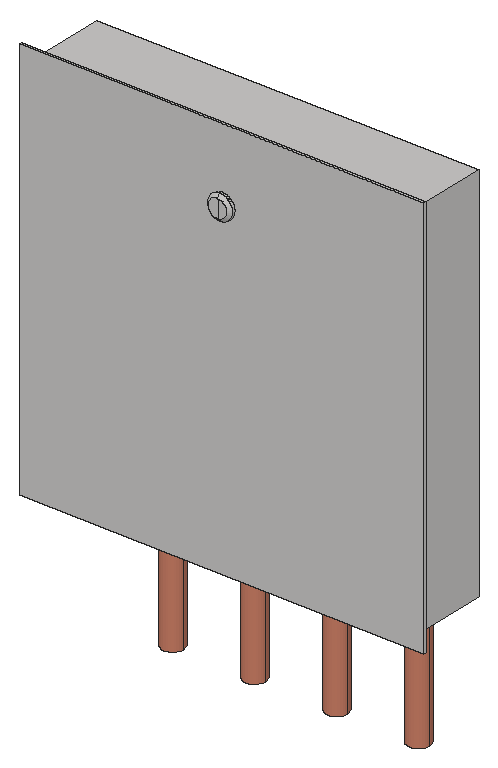
Revit family "Caroma TMV20 Bottom Inlet Bypass", category Pipe Accessories, Revit 2014
Parameters (values of type "Bottom Inlet")
  Width_ANZRS = 75 mm  # constant formula
  URL = "http://specify.caroma.com.au/"
  Type Comments = "Adjustable Temperature range 35-50°, Dynamic Working Pressure 20-500kPa, Maximum 1000kPa Inlet Pressure, Maximum Ratio 10:1"  # constant formula
  Top Inlet = no
  Side2Flow_ANZRS = 0.7 L/s  # constant formula
  PlumbingMaterial_ANZRS = Metal-Copper-Satin
  ModifiedIssue_ANZRS = 20150421.01  # constant formula
  Model = if(Top Inlet, "BTMV20-004", "BTMV20-003")  # "BTMV20-003"
  Material_ANZRS = Metal-Stainless Steel-Brushed
  Manufacturer = "GWA Bathrooms & Kitchens"  # constant formula
  Length_ANZRS = 370 mm  # constant formula
  K Coefficient = 0
  Height_ANZRS = 370 mm  # constant formula
  End2 Pos = if(Top Inlet, 0 mm, 572 mm)  # 572 mm
  End1 pos = if(Top Inlet, 111 mm, 461 mm)  # 461 mm
  Description = "Thermostatic Mixing Valve in Stainless Steel Enclosure"  # constant formula
  CreatedBy_ANZRS = "Design Content"  # constant formula
  CreatedByURL_ANZRS = "http://www.designcontent.com.au"
  Assembly Code = "D2090800"
  Angle = if(Top Inlet, 270.00°, 90.00°)  # 90.00°
Types (3, lengths in mm): name | Top Inlet | Model | End2 Pos | End1 pos | Angle
  (no name) | no | "BTMV20-003" | 572 | 461 | 90.00°
  Bottom Inlet | no | "BTMV20-003" | 572 | 461 | 90.00°
  Top Inlet | yes | "BTMV20-004" | 0 | 111 | 270.00°
Reference planes
  plane 1 "Center (Front/Back)": y = 0
  plane 2: z = 0
  plane 3 "Center (Left/Right)": x = 0
  plane 4 "Left": x = -185
  plane 5 "Right": x = 185
  plane 6 "Back": y = 37.5
  plane 7 "Front": y = -37.5
  plane 8 "Top": z = 185
  plane 9 "Bottom": z = -185
  plane 10 "End1": z = -286
  plane 11 "End2": z = -175
  plane 12 "Offset Calc": z = 286
Forms (mm)
  Extrusion 1, solid, material "Metal-Stainless Steel-Brushed" <- "Material_ANZRS", detail levels fine
    sketch origin (0, 0, 0) x (1, 0, 0) y (0, 0, 1)
      loop
        line (-175, 175) -> (-175, -175) -> (175, -175) -> (175, 175) -> (-175, 175)
    from -37.5 to 37.5
  Extrusion 2, solid, material "Metal-Stainless Steel-Brushed" <- "Material_ANZRS", detail levels fine
    sketch origin (2000, -37.5, 1200) x (1, 0, 0) y (0, 0, 1)
      loop
        line (-2185, -1015) -> (-2185, -1385) -> (-1815, -1385) -> (-1815, -1015) -> (-2185, -1015)
    from 0 to -2
  Revolve 3, solid, material "Metal-Stainless Steel-Brushed" <- "Material_ANZRS", detail levels fine
    sketch origin (0, 0, 0) x (0, 1, 0) y (0, 0, 1)
      loop
        line (-42.5, 117) -> (-37.5, 117) -> (-37.5, 128.434) -> (-39.5, 128.434) -> (-42.5, 125.434) -> (-42.5, 117)
      axis (-42.5, 117) -> (-37.5, 117)
    angle from 0 to 360
  Extrusion 4, solid, material "Metal-Copper-Satin" <- "PlumbingMaterial_ANZRS", detail levels fine
    sketch origin (-1351.99, -1524, -185) x (-1, 0, 0) y (0, -1, 0)
      loop
        circle (-1351.99, -1524) r 10
    from 10 to -101
  Extrusion 5, solid, material "Metal-Copper-Satin" <- "PlumbingMaterial_ANZRS", detail levels fine
    sketch origin (85, -1524, -175) x (-1, 0, 0) y (0, -1, 0)
      loop
        circle (160, -1524) r 10
    from 0 to -111
  Extrusion 6, solid, material "Metal-Copper-Satin" <- "PlumbingMaterial_ANZRS", detail levels fine
    sketch origin (85, -1524, -175) x (-1, 0, 0) y (0, -1, 0)
      loop
        circle (10, -1524) r 10
    from 0 to -111
  Extrusion 7, solid, material "Metal-Copper-Satin" <- "PlumbingMaterial_ANZRS", detail levels fine
    sketch origin (-1201.99, -1524, -185) x (-1, 0, 0) y (0, -1, 0)
      loop
        circle (-1351.99, -1524) r 10
    from 10 to -101
Cuts and joins
  joined: Extrusion 1, Extrusion 2
Lines and regions (mm)
  model lines, style "Valves", detail levels coarse+medium
    curve 1: line (75, -75, 0) -> (-75, 75, 0)
    curve 2: line (-75, -75, 0) -> (-75, 75, 0)
    curve 3: line (75, -75, 0) -> (75, 75, 0)
    curve 4: line (-75, -75, 0) -> (75, 75, 0)
    curve 5: line (0, 0, 0) -> (0, 150, 0)
    curve 6: line (50, 150, 0) -> (-50, 150, 0)
    curve 7: line (75, 0, -75) -> (-75, 0, 75)
    curve 8: line (-75, 0, -75) -> (-75, 0, 75)
    curve 9: line (75, 0, -75) -> (75, 0, 75)
    curve 10: line (-75, 0, -75) -> (75, 0, 75)
    curve 11: line (0, 0, 0) -> (0, 0, 150)
    curve 12: line (50, 0, 150) -> (-50, 0, 150)
  reference lines, not visible
    curve 13: line (-75, 0, -175) -> (-75, 0, -286)
    curve 14: line (75, 0, -175) -> (75, 0, -286)
Dimensions and locks
  equal spacing: plane 4 "Left", plane 3 "Center (Left/Right)", plane 5 "Right"
  equal spacing: plane 7 "Front", plane 1 "Center (Front/Back)", plane 6 "Back"
  "Width_ANZRS": plane 7 "Front" to plane 6 "Back"
  "Length_ANZRS": plane 4 "Left" to plane 5 "Right"
  equal spacing: plane 8 "Top", level, plane 9 "Bottom"
  "Height_ANZRS": plane 8 "Top" to plane 9 "Bottom"
  locked: Extrusion 1 sketch curve to plane 4 "Left" at 10
  locked: plane 8 "Top" to Extrusion 1 sketch curve at 10
  locked: plane 5 "Right" to Extrusion 1 sketch curve at 10
  locked: Extrusion 1 sketch curve to plane 9 "Bottom" at 10
  locked: curve 12 to level at 150
  curve 10 to curve 8 to level to curve 9 to curve 10 = 0 mm locked, 75 mm locked, 75 mm locked, 0 mm locked
  locked: plane 12 "Offset Calc" to plane 8 "Top" at 101
  "End1 pos": plane 12 "Offset Calc" to plane 11 "End2"
  "End2 Pos": plane 12 "Offset Calc" to plane 10 "End1"
  "End1 pos": plane 12 "Offset Calc" to curve 13
  "End1 pos": plane 12 "Offset Calc" to curve 14
  locked: curve 13 to curve 13 at 111
  locked: curve 14 to curve 14 at 111
  "Angle": angle curve 14 to plane 11 "End2"
  "Angle": angle plane 11 "End2" to curve 13
  aligned and locked: level to plane 2
  aligned and locked: Extrusion 1 to plane 6 "Back"
  aligned and locked: plane 7 "Front" to Extrusion 1
  aligned and locked: Extrusion 2 sketch curve to plane 8 "Top"
  aligned and locked: plane 4 "Left" to Extrusion 2 sketch curve
  aligned and locked: plane 9 "Bottom" to Extrusion 2 sketch curve
  aligned and locked: Extrusion 2 sketch curve to plane 5 "Right"
  aligned and locked: plane 11 "End2" to Extrusion 6
  aligned and locked: plane 11 "End2" to Extrusion 5
  aligned and locked: Extrusion 6 to plane 10 "End1"
  aligned and locked: Extrusion 5 to plane 10 "End1"
Automatic sketch dimensions
  curve 11 to plane 3 "Center (Left/Right)" = 0 mm
  curve 11 to level = 0 mm
  curve 10 to plane 3 "Center (Left/Right)" = 75 mm
  curve 12 to plane 3 "Center (Left/Right)" = 50 mm
  plane 3 "Center (Left/Right)" to curve 12 = 50 mm
  curve 5 to plane 3 "Center (Left/Right)" = 0 mm
  plane 1 "Center (Front/Back)" to curve 5 = 0 mm
  curve 4 to plane 3 "Center (Left/Right)" = 75 mm
  plane 3 "Center (Left/Right)" to curve 4 = 75 mm
  plane 7 "Front" to curve 3 = 37.5 mm
  plane 7 "Front" to curve 2 = 37.5 mm
  curve 4 to plane 6 "Back" = 37.5 mm
  curve 6 to plane 3 "Center (Left/Right)" = 50 mm
  plane 3 "Center (Left/Right)" to curve 6 = 50 mm
  curve 3 to curve 6 = 75 mm
  Revolve 3 sketch curve to plane 7 "Front" = 0 mm  (x2)
  Revolve 3 sketch curve to Revolve 3 sketch curve = 2 mm
  Revolve 3 sketch curve to Revolve 3 sketch curve = 5 mm
  Revolve 3 sketch curve to plane 8 "Top" = 68 mm
  Revolve 3 sketch curve to Revolve 3 sketch curve = 8.434 mm
  Revolve 3 sketch curve to Revolve 3 sketch curve = 3 mm
  Revolve 3 sketch curve to plane 7 "Front" = 13.179 mm
  Revolve 3 sketch curve to Revolve 3 sketch curve = 0 mm
  plane 1 "Center (Front/Back)" to Extrusion 4 sketch curve = 0 mm
  Extrusion 4 sketch curve to plane 3 "Center (Left/Right)" = 0 mm
  plane 1 "Center (Front/Back)" to Extrusion 5 sketch curve = 0 mm
  Extrusion 5 sketch curve to plane 3 "Center (Left/Right)" = 75 mm
  plane 1 "Center (Front/Back)" to Extrusion 6 sketch curve = 0 mm
  plane 3 "Center (Left/Right)" to Extrusion 6 sketch curve = 75 mm
  plane 1 "Center (Front/Back)" to Extrusion 7 sketch curve = 0 mm
  Extrusion 7 sketch curve to plane 5 "Right" = 35 mm
  curve 13 to plane 3 "Center (Left/Right)" = 75 mm
  plane 3 "Center (Left/Right)" to curve 14 = 75 mm
  radius of Extrusion 4 sketch curve = 10 mm
  radius of Extrusion 5 sketch curve = 10 mm
  radius of Extrusion 6 sketch curve = 10 mm
  radius of Extrusion 7 sketch curve = 10 mm
Connectors
  piping at (0, 0, -286), diameter 20, driven by "K Coefficient", driven by "Side2Flow_ANZRS"
    settings: on Extrusion 4, index 3, connector inside diameter 609.6 mm, connector length 0 mm, flow factor 0, pipe flow 0.7 L/s, pressure drop 0.0 Pa, fitting loss kfactor 0, connector angle 0.00°, fixture units 0, engagement length 0 mm, angle of deflection 0.00°, flow configuration 0, flow direction 2, fitting loss method 2, system type 29, joint type 0, gender type 0, connector reference index 4, connector utility 0, adjustable connector no, is connector primary yes, connector description "Temperate Out"
  piping at (-75, 0, -286), diameter 20
    settings: on curve 13, index 4, connector inside diameter 609.6 mm, connector length 0 mm, flow factor 0, pipe flow 0.0 L/s, pressure drop 0.0 Pa, fitting loss kfactor 0, connector angle 0.00°, fixture units 0, engagement length 0 mm, angle of deflection 0.00°, flow configuration 0, flow direction 1, fitting loss method 0, system type 19, joint type 0, gender type 0, connector reference index 3, connector utility 0, adjustable connector no, is connector primary no, connector description "Hot In"
  piping at (75, 0, -286), diameter 20
    settings: on curve 14, index 5, connector inside diameter 609.6 mm, connector length 0 mm, flow factor 0, pipe flow 0.0 L/s, pressure drop 0.0 Pa, fitting loss kfactor 0, connector angle 0.00°, fixture units 0, engagement length 0 mm, angle of deflection 0.00°, flow configuration 0, flow direction 1, fitting loss method 0, system type 20, joint type 0, gender type 0, connector reference index 6, connector utility 0, adjustable connector no, is connector primary no, connector description "Cold In"
  piping at (150, 0, -286), diameter 20, driven by "K Coefficient", driven by "Side2Flow_ANZRS"
    settings: on Extrusion 7, index 6, connector inside diameter 609.6 mm, connector length 0 mm, flow factor 0, pipe flow 0.7 L/s, pressure drop 0.0 Pa, fitting loss kfactor 0, connector angle 0.00°, fixture units 0, engagement length 0 mm, angle of deflection 0.00°, flow configuration 0, flow direction 2, fitting loss method 2, system type 20, joint type 0, gender type 0, connector reference index 5, connector utility 0, adjustable connector no, is connector primary no, connector description "Cold Out"
